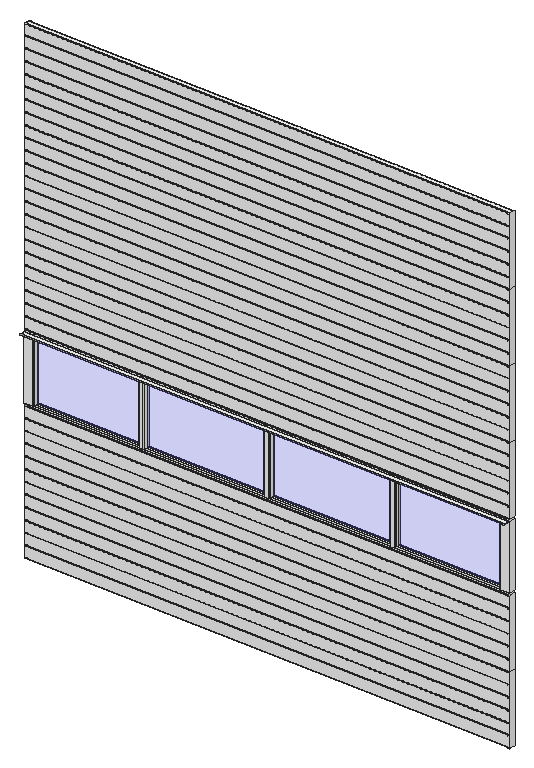
Revit family
Parameters (values of type "By Type")
  Windload = "Doors available rated for various design pressures; consult Clopay for avaialbility and specifications"
  VisSection6 = NumSections = 6  # no
  VisSection5 = NumSections > 4  # yes
  VisSection4 = NumSections > 3  # yes
  VisSection3 = NumSections > 2  # yes
  VisArray = NumSections > 6  # yes
  URL = "www.clopaydoor.com"
  Track = "Galvanized steel (gauge varies according to door size)"
  Thickness = 0' - 2"  # constant formula
  Spec Wizard = "http://www.arcat.com/specwizard/08360clo/index.htm"
  Section Height = Height / NumSections  # 2' - 0"
  Section 5 Glazing = Section : Solid
  Section 4 Glazing = Section : Solid
  Section 3 Glazing = Full Vision Section : Intermediate
  Sales Information = "http://www.clopaydoor.com/where-to-buy.aspx?type=dealer"
  Rough Width = 0' - 0"  # constant formula
  Rough Height = 0' - 0"  # constant formula
  R-Value = "17.2"
  Product Features and Benefits = "http://www.clopaydoor.com/insulated-polyurethane-applications.aspx"
  Overlapping Jamb = yes
  Overlap = if(Overlapping Jamb, 0' 1", 0' 0")  # 0' - 1"
  Opening Width = 14' - 0"
  Opening Height = 14' - 0"
  Omniclass Table = "23-30 10 17 37 "
  NumSectionsNotRounded = Height / 2' 0"  # 7
  NumSections = NumSectionsNotRounded + 0.4999  # 7
  NumArraySections = if(NumSections > 6, NumSections - 5, 2)  # 2
  Model = "3720"
  Maximum Size = "Maximum 32' 2'' wide by 26' 0'' high. Additional limitations may apply do to door weight. Consult Clopay for specificiations and shop drawings."  # constant formula
  Manufacturer Website = "http://www.clopaydoor.com"
  Manufacturer Phone Number = "1-800-526-4301"
  Manufacturer Address = "1400 W. Market St., Troy, OH 45373"
  Manufacturer = "Clopay Building Products Company"
  LEED = "http://products.construction.com/swts_content_files/151607/303186.pdf"
  Keynote = "08 36 13"
  Interior Steel = "28 ga. galvanized, primed, and finish painted"
  Hardware = "14 ga. min. steel hinges; 10-ball steel rollers"
  GreenFormat = "http://www.greenformat.com/products/1536-Polyurethane%20Insulated%20Doors.rtf"
  Function = (empty or 0)
  Height = Opening Height + Rough Width * 0  # 14' - 0"
  Wall Closure = (empty or 0)
  Width = Opening Width + Rough Width * 0  # 14' - 0"
  FloorToSection7 = 6 * Section Height  # 12' - 0"
  FloorToSection6 = 5 * Section Height  # 10' - 0"
  FloorToSection5 = 4 * Section Height  # 8' - 0"
  FloorToSection4 = 3 * Section Height  # 6' - 0"
  FloorToSection3 = 2 * Section Height  # 4' - 0"
  FloorToSection2 = Section Height  # 2' - 0"
  File Revision = "02 (August, 2012)"
  Exterior Steel = "27 ga. galvanized, primed, and finish painted"
  Double End Stiles = Door Width > 14' 2"  # no
  Door Width = Opening Width + Overlap * 2  # 14' - 2"
  Door Height = Opening Height + Rough Width * 0  # 14' - 0"
  Description = "2'' thick polyurethane insulated, stucco embossed 27 gauge steel exterior with light ribbed pattern."
  Core Material = "Expanded polyurethane"
  Copyright = "2010, Clopay Building Products Company, Inc."
  Color = White
  CAD and Specifications = "http://www.clopaydoor.com/insulated-polyurethane-specs.aspx"
  Assembly Code = "B2030410"
Reference planes (in)
  plane 1 "Center (Front/Back)": y = 0
  plane 2 "Center (Left/Right)": x = 0
  plane 3 "Left": x = -84
  plane 4 "Right": x = 84
  plane 5 "Top": z = 168
  plane 6 "Exterior": y = 3
  plane 7 "Interior": y = -3
  plane 8: z = 120
  plane 9: z = 144
Lines and regions (in)
  Opening 1
    outline origin (-90, -3, 0) x (1, 0, 0) y (0, 0, 1)
      loop
        line (6, 0) -> (174, 0) -> (174, 168) -> (6, 168) -> (6, 0)
Text (in)
  text "Exterior" at (-74.96733, 27.31104, 0), in view "Ref. Level"
  text "Interior" at (-74.96733, -25.14366, 0), in view "Ref. Level"
  text "Exterior" at (0, 40.15149, 123.01588), in view "Right"
  text "Interior" at (0, -64.39139, 123.01588), in view "Right"
  text "Interior" at (0, -31.01599, 123.00693), in view "Left"
  text "Exterior" at (0, 54.57065, 123.00693), in view "Left"
Dimensions and locks (in)
  equal spacing: plane 3 "Left", plane 2 "Center (Left/Right)", plane 4 "Right"
  "Height": level to plane 5 "Top"
  "Width": plane 3 "Left" to plane 4 "Right"
  host wall to plane 5 "Top" = 14' - 0"
  nested 1 to plane 7 "Interior" = 0' - 0 1/2"
  "FloorToSection6": plane 8 to level
  "FloorToSection7": plane 9 to level
  group 1 to group 2 = 0' - 0"  (x2)
  group 1 to group 2 = 2' - 0"
  host wall to host wall = 67' - 6"
  aligned and locked: plane 3 "Left" to Opening 1 sketch curve
  aligned and locked: plane 5 "Top" to Opening 1 sketch curve
  aligned and locked: Opening 1 sketch curve to plane 5 "Top"
  aligned and locked: Opening 1 sketch curve to plane 4 "Right"
  aligned and locked: Opening 1 sketch curve to level
  aligned and locked: plane 6 "Exterior" to host wall
  aligned and locked: host wall to plane 7 "Interior"
  aligned and locked: plane 2 "Center (Left/Right)" to nested 2
  aligned and locked: plane 2 "Center (Left/Right)" to nested 3
  aligned and locked: plane 2 "Center (Left/Right)" to nested 4
  aligned and locked: plane 2 "Center (Left/Right)" to nested 5
  aligned and locked: plane 2 "Center (Left/Right)" to nested 7
  aligned and locked: nested 7 to plane 8
  aligned and locked: nested 8 to plane 9
  aligned and locked: plane 7 "Interior" to nested 2
  aligned and locked: plane 7 "Interior" to nested 7
  aligned and locked: host wall to nested 8
  aligned and locked: plane 7 "Interior" to nested 3
  aligned and locked: host wall to nested 3
  aligned and locked: plane 7 "Interior" to nested 1
  aligned and locked: nested 2 to host wall
  aligned and locked: plane 7 "Interior" to nested 6
  aligned and locked: plane 7 "Interior" to nested 5
  aligned and locked: host wall to nested 7
  aligned and locked: plane 7 "Interior" to nested 4
Nested families (in)
  nested 1: "Section" at (0, 0, 0), type "Solid"
    with X9 0' - 7 1/2", X8 0' - 7 1/2", X7 0' - 7 1/2", X6 0' - 7 1/2", X5 0' - 7 1/2", X4 11' - 7 1/2", X3 7' - 11 1/2", X2 4' - 3 1/2", NumWindows 4, NumArrayedWindows 4, Half Door Width Neg -7' - 1", Half Door Width 7' - 1", X1 0' - 7 1/2", Door Width 14' - 2"
  nested 2: "Section" at (0, 0, 24), built-in parameter 1001364 <- "Section Height", type "Solid"
    with X9 0' - 7 1/2", X8 0' - 7 1/2", X7 0' - 7 1/2", X6 0' - 7 1/2", X5 0' - 7 1/2", X4 11' - 7 1/2", X3 7' - 11 1/2", X2 4' - 3 1/2", NumWindows 4, NumArrayedWindows 4, Half Door Width Neg -7' - 1", Half Door Width 7' - 1", X1 0' - 7 1/2", Door Width 14' - 2"
  nested 3: "Full Vision Section" at (0, 0, 48), type <- "Section 3 Glazing", built-in parameter 1001364 <- "FloorToSection3", visible <- "VisSection3", type "Intermediate"
    with SingleStileVis no, Rail Width 14' - 1 13/16", NumIntStiles 3, Half Rail Width 7' - 0 29/32", Half Door Width 7' - 1", Glass Width 14' - 0 13/16", Edge to 1st Int Stile 3' - 5", Door Width 14' - 2", ArrayStileVis yes, ArrayIntStiles 3
  nested 4: "Section" at (0, 0, 120), built-in parameter 1001364 <- "FloorToSection6", visible <- "VisSection6", type "Solid"
    with X9 0' - 7 1/2", X8 0' - 7 1/2", X7 0' - 7 1/2", X6 0' - 7 1/2", X5 0' - 7 1/2", X4 11' - 7 1/2", X3 7' - 11 1/2", X2 4' - 3 1/2", NumWindows 4, NumArrayedWindows 4, Half Door Width Neg -7' - 1", Half Door Width 7' - 1", X1 0' - 7 1/2", Door Width 14' - 2"
  nested 5: "Section" at (0, 0, 96), built-in parameter 1001364 <- "FloorToSection5", type <- "Section 5 Glazing", visible <- "VisSection5", type "Solid"
    with X9 0' - 7 1/2", X8 0' - 7 1/2", X7 0' - 7 1/2", X6 0' - 7 1/2", X5 0' - 7 1/2", X4 11' - 7 1/2", X3 7' - 11 1/2", X2 4' - 3 1/2", NumWindows 4, NumArrayedWindows 4, Half Door Width Neg -7' - 1", Half Door Width 7' - 1", X1 0' - 7 1/2", Door Width 14' - 2"
  nested 6: "Section" at (0, 0, 72), type <- "Section 4 Glazing", built-in parameter 1001364 <- "FloorToSection4", visible <- "VisSection4", type "Solid"
    with X9 0' - 7 1/2", X8 0' - 7 1/2", X7 0' - 7 1/2", X6 0' - 7 1/2", X5 0' - 7 1/2", X4 11' - 7 1/2", X3 7' - 11 1/2", X2 4' - 3 1/2", NumWindows 4, NumArrayedWindows 4, Half Door Width Neg -7' - 1", Half Door Width 7' - 1", X1 0' - 7 1/2", Door Width 14' - 2"
  nested 7: "Section" at (0, 0, 120), visible <- "VisArray", type "Solid"
    with X9 0' - 7 1/2", X8 0' - 7 1/2", X7 0' - 7 1/2", X6 0' - 7 1/2", X5 0' - 7 1/2", X4 11' - 7 1/2", X3 7' - 11 1/2", X2 4' - 3 1/2", NumWindows 4, NumArrayedWindows 4, Half Door Width Neg -7' - 1", Half Door Width 7' - 1", X1 0' - 7 1/2", Door Width 14' - 2"
  nested 8: "Section" at (0, 0, 144), visible <- "VisArray", type "Solid"
    with X9 0' - 7 1/2", X8 0' - 7 1/2", X7 0' - 7 1/2", X6 0' - 7 1/2", X5 0' - 7 1/2", X4 11' - 7 1/2", X3 7' - 11 1/2", X2 4' - 3 1/2", NumWindows 4, NumArrayedWindows 4, Half Door Width Neg -7' - 1", Half Door Width 7' - 1", X1 0' - 7 1/2", Door Width 14' - 2"
  nested 9: "Section" at (0, 4.67704, 636.93806), type "Windows - 24x8", not visible
    with X9 0' - 7 1/2", X8 0' - 7 1/2", X7 0' - 7 1/2", X6 0' - 7 1/2", X5 0' - 7 1/2", X4 11' - 7 1/2", X3 7' - 11 1/2", X2 4' - 3 1/2", NumWindows 4, NumArrayedWindows 4, Half Door Width Neg -7' - 1", Half Door Width 7' - 1", X1 0' - 7 1/2", Door Width 14' - 2"
  nested 10: "Section" at (0, 4.63986, 609.3176), type "Windows - 24x12", not visible
    with X9 0' - 7 1/2", X8 0' - 7 1/2", X7 0' - 7 1/2", X6 0' - 7 1/2", X5 0' - 7 1/2", X4 11' - 7 1/2", X3 7' - 11 1/2", X2 4' - 3 1/2", WindowSpacing 3' - 8", NumWindows 4, NumArrayedWindows 4, Half Door Width Neg -7' - 1", Half Door Width 7' - 1", X1 0' - 7 1/2", Door Width 14' - 2"
Definition of nested family "Section"
  Parameters (values of type "Windows - 24x12")
    X9 = if(if(NumArrayedWindows < NumWindows, NumArrayedWindows + 1, NumWindows) < 9, X1, X8 + WindowSpacing)  # 0' - 4 1/2"
    X8 = if(if(NumArrayedWindows < NumWindows, NumArrayedWindows + 1, NumWindows) < 8, X1, X7 + WindowSpacing)  # 0' - 4 1/2"
    X7 = if(if(NumArrayedWindows < NumWindows, NumArrayedWindows + 1, NumWindows) < 7, X1, X6 + WindowSpacing)  # 0' - 4 1/2"
    X6 = if(if(NumArrayedWindows < NumWindows, NumArrayedWindows + 1, NumWindows) < 6, X1, X5 + WindowSpacing)  # 0' - 4 1/2"
    X5 = if(if(NumArrayedWindows < NumWindows, NumArrayedWindows + 1, NumWindows) < 5, X1, X4 + WindowSpacing)  # 0' - 4 1/2"
    X4 = if(if(NumArrayedWindows < NumWindows, NumArrayedWindows + 1, NumWindows) < 4, X1, X3 + WindowSpacing)  # 0' - 4 1/2"
    X3 = if(NumWindows < 3, X1, X2 + WindowSpacing)  # 7' - 0 1/2"
    X2 = if(NumWindows < 2, ((Door Width - (NumWindows - 1) * WindowSpacing) / 2 - Cutout Width / 2), ((Door Width - (NumWindows - 1) * WindowSpacing) / 2 - Cutout Width / 2) + WindowSpacing)  # 3' - 8 1/2"
    Windows = 37xx Window Array : 24x12
    WindowVis = yes
    WindowSpacing = if(and(Door Width < 10' 0", Door Width > 9' 2"), 3' 4", 3' 8")  # 3' - 4"
    WindowCutDepth = 0' - 2"
    Section Height = 2' - 0"
    RibSpacing = Section Height / (NumRibs + 1)  # 0' - 4"
    NumWindows = if(Door Width < 9' 4", 2, if(Door Width < 13' 4", 3, if(Door Width < 16' 4", 4, if(Door Width < 20' 4", 5, if(Door Width < 24' 4", 6, if(Door Width < 26' 4", 7, if(Door Width < 31' 8", 8, 10)))))))  # 3
    NumRibs = if(Section Height < 1' 9", 3, if(Section Height < 2' 0", 4, 5))  # 5
    NumArrayedWindows = if(X2 = X1, NumWindows - 2, NumWindows)  # 3
    Half Section Height = Section Height / 2  # 1' - 0"
    Half Door Width Neg = -Half Door Width  # -4' - 8"
    Half Door Width = Door Width / 2  # 4' - 8"
    Half Cutout Height = Cutout Height / 2  # 0' - 5 1/2"
    Function = (empty or 0)
    Height = 0' - 0"
    Wall Closure = (empty or 0)
    Width = 0' - 0"
    X1 = if(or(Door Width > 31' 6", and(Door Width > 26' 2", Door Width < 28' 1"), Door Width = 24' 3", Door Width = 24' 4", and(Door Width > 20' 2", Door Width < 20' 11"), and(Door Width > 16' 2", Door Width < 17' 3")), X2, (Door Width - (NumWindows - 1) * WindowSpacing) / 2 - Cutout Width / 2)  # 0' - 4 1/2"
    Door Width = 9' - 4"
    CutoutToCutout = 1' - 0"
    Cutout Width = 1' - 11"
    Cutout Height = 0' - 11"
    Color = White
    BtmTo1stRib = RibSpacing  # 0' - 4"
    Assembly Code = ""
  Types (3): name | X7 | X6 | X5 | X4 | X3 | X2 | Windows | WindowVis | WindowSpacing | WindowCutDepth | NumWindows | NumArrayedWindows | Half Door Width Neg | Half Door Width | Half Cutout Height | Door Width | Cutout Height
    Windows - 24x12 | 0' - 4 1/2" | 0' - 4 1/2" | 0' - 4 1/2" | 0' - 4 1/2" | 7' - 0 1/2" | 3' - 8 1/2" | 37xx Window Array : 24x12 | yes | 3' - 4" | 0' - 2" | 3 | 3 | -4' - 8" | 4' - 8" | 0' - 5 1/2" | 9' - 4" | 0' - 11"
    Windows - 24x8 | 22' - 4 1/2" | 18' - 8 1/2" | 15' - 0 1/2" | 11' - 4 1/2" | 7' - 8 1/2" | 4' - 0 1/2" | 37xx Window Array : 24x8 | yes | 3' - 8" | 0' - 2" | 7 | 7 | -12' - 4" | 12' - 4" | 0' - 3 1/2" | 24' - 8" | 0' - 7"
    Solid | 22' - 4 1/2" | 18' - 8 1/2" | 15' - 0 1/2" | 11' - 4 1/2" | 7' - 8 1/2" | 4' - 0 1/2" | 37xx Window Array : 24x8 | no | 3' - 8" | -0' - 0 13/128" | 7 | 7 | -12' - 4" | 12' - 4" | 0' - 3 1/2" | 24' - 8" | 0' - 7"
  Reference planes (in)
    plane 1 "Center (Front/Back)": y = 0
    plane 2 "Center (Left/Right)": x = 0
    plane 3 "Exterior": y = 3
    plane 4 "Interior": y = -3
    plane 5: y = -3.5
    plane 6: x = 56
    plane 7: x = -56
    plane 8: z = 4
    plane 9: z = 8
    plane 10: z = 24
    plane 11: z = 12
    plane 12: z = 0
  Forms (in)
    Extrusion 1, solid, material "White" <- "Color"
      sketch origin (-56, -12, 83.08252) x (0, 0, 1) y (0, -1, 0)
        loop
          line (-59.08252, -8.37573) -> (-59.08252, -6.62444)
          arc (-59.08252, -6.62444) -> (-59.11897, -6.53645) -> (-59.20696, -6.5) r 0.12444
          line (-59.20696, -6.5) -> (-82.95809, -6.5)
          arc (-82.95809, -6.5) -> (-83.04608, -6.53645) -> (-83.08252, -6.62444) r 0.12444
          line (-83.08252, -6.62444) -> (-83.08252, -8.37573)
          arc (-83.08252, -8.37573) -> (-83.04612, -8.4636) -> (-82.95825, -8.5) r 0.12427
          line (-82.95825, -8.5) -> (-59.20679, -8.5)
          arc (-59.20679, -8.5) -> (-59.11892, -8.4636) -> (-59.08252, -8.37573) r 0.12427
      from 0 to 112 <- "Door Width"
    Extrusion 2, void
      sketch origin (0, 0, -0.5) x (0, -1, 0) y (0, 0, 1)
        loop
          line (3.5, 4.62727) -> (3.5, 4.37273) -> (3.53032, 4.41942)
          arc (3.53032, 4.41942) -> (3.53753, 4.43506) -> (3.54, 4.4521) r 0.06
          line (3.54, 4.4521) -> (3.54, 4.5479)
          arc (3.54, 4.5479) -> (3.53753, 4.56494) -> (3.53032, 4.58058) r 0.06
          line (3.53032, 4.58058) -> (3.5, 4.62727)
      from -56 <- "Half Door Width Neg" to 112 <- "Door Width"
    Extrusion 3, void
      sketch origin (0, 0, 3.5) x (0, -1, 0) y (0, 0, 1)
        loop
          line (3.5, 4.62727) -> (3.5, 4.37273) -> (3.53032, 4.41942)
          arc (3.53032, 4.41942) -> (3.53753, 4.43506) -> (3.54, 4.4521) r 0.06
          line (3.54, 4.4521) -> (3.54, 4.5479)
          arc (3.54, 4.5479) -> (3.53753, 4.56494) -> (3.53032, 4.58058) r 0.06
          line (3.53032, 4.58058) -> (3.5, 4.62727)
      from -56 <- "Half Door Width Neg" to 112 <- "Door Width"
    Extrusion 4, void
      sketch origin (0, 0, 7.5) x (0, -1, 0) y (0, 0, 1)
        loop
          line (3.5, 4.62727) -> (3.5, 4.37273) -> (3.53032, 4.41942)
          arc (3.53032, 4.41942) -> (3.53753, 4.43506) -> (3.54, 4.4521) r 0.06
          line (3.54, 4.4521) -> (3.54, 4.5479)
          arc (3.54, 4.5479) -> (3.53753, 4.56494) -> (3.53032, 4.58058) r 0.06
          line (3.53032, 4.58058) -> (3.5, 4.62727)
      from -56 <- "Half Door Width Neg" to 112 <- "Door Width"
    Extrusion 5, void
      sketch origin (0, -8.99984, -0.5) x (0, 1, 0) y (0, 0, -1)
        loop
          line (3.5, -4.62727) -> (3.53032, -4.58058)
          arc (3.53032, -4.58058) -> (3.53753, -4.56494) -> (3.54, -4.5479) r 0.06
          line (3.54, -4.5479) -> (3.54, -4.4521)
          arc (3.54, -4.4521) -> (3.53753, -4.43506) -> (3.53032, -4.41942) r 0.06
          line (3.53032, -4.41942) -> (3.5, -4.37273) -> (3.5, -4.62727)
      from -56 <- "Half Door Width Neg" to 112 <- "Door Width"
    Extrusion 6, void
      sketch origin (0, -8.99984, 3.5) x (0, 1, 0) y (0, 0, -1)
        loop
          line (3.5, -4.62727) -> (3.53032, -4.58058)
          arc (3.53032, -4.58058) -> (3.53753, -4.56494) -> (3.54, -4.5479) r 0.06
          line (3.54, -4.5479) -> (3.54, -4.4521)
          arc (3.54, -4.4521) -> (3.53753, -4.43506) -> (3.53032, -4.41942) r 0.06
          line (3.53032, -4.41942) -> (3.5, -4.37273) -> (3.5, -4.62727)
      from -56 <- "Half Door Width Neg" to 112 <- "Door Width"
    Extrusion 7, void
      sketch origin (0, -8.99984, 7.5) x (0, 1, 0) y (0, 0, -1)
        loop
          line (3.5, -4.62727) -> (3.53032, -4.58058)
          arc (3.53032, -4.58058) -> (3.53753, -4.56494) -> (3.54, -4.5479) r 0.06
          line (3.54, -4.5479) -> (3.54, -4.4521)
          arc (3.54, -4.4521) -> (3.53753, -4.43506) -> (3.53032, -4.41942) r 0.06
          line (3.53032, -4.41942) -> (3.5, -4.37273) -> (3.5, -4.62727)
      from -56 <- "Half Door Width Neg" to 112 <- "Door Width"
    Extrusion 8, void
      sketch origin (-98.15385, -3.5, 48) x (1, 0, 0) y (0, 0, 1)
        loop
          line (149.65385, -30.5) -> (126.65385, -30.5) -> (126.65385, -36) -> (149.65385, -36) -> (149.65385, -30.5)
      from 0 to 2 <- "WindowCutDepth"
    Extrusion 9, void
      sketch origin (-98.15385, -3.5, -24) x (1, 0, 0) y (0, 0, 1)
        loop
          line (149.65385, 30.5) -> (149.65385, 36) -> (126.65385, 36) -> (126.65385, 30.5) -> (149.65385, 30.5)
      from 0 to 2 <- "WindowCutDepth"
    Extrusion 10, void
      sketch origin (-136.15385, -3.5, 48) x (1, 0, 0) y (0, 0, 1)
        loop
          line (147.65385, -30.5) -> (124.65385, -30.5) -> (124.65385, -36) -> (147.65385, -36) -> (147.65385, -30.5)
      from 0 to 2 <- "WindowCutDepth"
    Extrusion 11, void
      sketch origin (-136.15385, -3.5, -24) x (1, 0, 0) y (0, 0, 1)
        loop
          line (147.65385, 30.5) -> (147.65385, 36) -> (124.65385, 36) -> (124.65385, 30.5) -> (147.65385, 30.5)
      from 0 to 2 <- "WindowCutDepth"
    Extrusion 12, void
      sketch origin (-171.15385, -3.5, 48) x (1, 0, 0) y (0, 0, 1)
        loop
          line (142.65385, -30.5) -> (119.65385, -30.5) -> (119.65385, -36) -> (142.65385, -36) -> (142.65385, -30.5)
      from 0 to 2 <- "WindowCutDepth"
    Extrusion 13, void
      sketch origin (-171.15385, -3.5, -24) x (1, 0, 0) y (0, 0, 1)
        loop
          line (142.65385, 30.5) -> (142.65385, 36) -> (119.65385, 36) -> (119.65385, 30.5) -> (142.65385, 30.5)
      from 0 to 2 <- "WindowCutDepth"
    Extrusion 14, void
      sketch origin (-214.15385, -3.5, 48) x (1, 0, 0) y (0, 0, 1)
        loop
          line (265.65385, -30.5) -> (242.65385, -30.5) -> (242.65385, -36) -> (265.65385, -36) -> (265.65385, -30.5)
      from 0 to 2 <- "WindowCutDepth"
    Extrusion 15, void
      sketch origin (-214.15385, -3.5, -24) x (1, 0, 0) y (0, 0, 1)
        loop
          line (265.65385, 30.5) -> (265.65385, 36) -> (242.65385, 36) -> (242.65385, 30.5) -> (265.65385, 30.5)
      from 0 to 2 <- "WindowCutDepth"
    Extrusion 16, void
      sketch origin (-256.15385, -3.5, 48) x (1, 0, 0) y (0, 0, 1)
        loop
          line (307.65385, -30.5) -> (284.65385, -30.5) -> (284.65385, -36) -> (307.65385, -36) -> (307.65385, -30.5)
      from 0 to 2 <- "WindowCutDepth"
    Extrusion 17, void
      sketch origin (-256.15385, -3.5, -24) x (1, 0, 0) y (0, 0, 1)
        loop
          line (307.65385, 30.5) -> (307.65385, 36) -> (284.65385, 36) -> (284.65385, 30.5) -> (307.65385, 30.5)
      from 0 to 2 <- "WindowCutDepth"
    Extrusion 18, void
      sketch origin (-294.15385, -3.5, 48) x (1, 0, 0) y (0, 0, 1)
        loop
          line (345.65385, -30.5) -> (322.65385, -30.5) -> (322.65385, -36) -> (345.65385, -36) -> (345.65385, -30.5)
      from 0 to 2 <- "WindowCutDepth"
    Extrusion 19, void
      sketch origin (-294.15385, -3.5, -24) x (1, 0, 0) y (0, 0, 1)
        loop
          line (345.65385, 30.5) -> (345.65385, 36) -> (322.65385, 36) -> (322.65385, 30.5) -> (345.65385, 30.5)
      from 0 to 2 <- "WindowCutDepth"
    Extrusion 20, void
      sketch origin (-331.15385, -3.5, 48) x (1, 0, 0) y (0, 0, 1)
        loop
          line (382.65385, -30.5) -> (359.65385, -30.5) -> (359.65385, -36) -> (382.65385, -36) -> (382.65385, -30.5)
      from 0 to 2 <- "WindowCutDepth"
    Extrusion 21, void
      sketch origin (-331.15385, -3.5, -24) x (1, 0, 0) y (0, 0, 1)
        loop
          line (382.65385, 30.5) -> (382.65385, 36) -> (359.65385, 36) -> (359.65385, 30.5) -> (382.65385, 30.5)
      from 0 to 2 <- "WindowCutDepth"
    Extrusion 22, void
      sketch origin (-368.15385, -3.5, 48) x (1, 0, 0) y (0, 0, 1)
        loop
          line (419.65385, -30.5) -> (396.65385, -30.5) -> (396.65385, -36) -> (419.65385, -36) -> (419.65385, -30.5)
      from 0 to 2 <- "WindowCutDepth"
    Extrusion 23, void
      sketch origin (-368.15385, -3.5, -24) x (1, 0, 0) y (0, 0, 1)
        loop
          line (419.65385, 30.5) -> (419.65385, 36) -> (396.65385, 36) -> (396.65385, 30.5) -> (419.65385, 30.5)
      from 0 to 2 <- "WindowCutDepth"
    Extrusion 24, void
      sketch origin (-407.15385, -3.5, 48) x (1, 0, 0) y (0, 0, 1)
        loop
          line (458.65385, -30.5) -> (435.65385, -30.5) -> (435.65385, -36) -> (458.65385, -36) -> (458.65385, -30.5)
      from 0 to 2 <- "WindowCutDepth"
    Extrusion 25, void
      sketch origin (-407.15385, -3.5, -24) x (1, 0, 0) y (0, 0, 1)
        loop
          line (458.65385, 30.5) -> (458.65385, 36) -> (435.65385, 36) -> (435.65385, 30.5) -> (458.65385, 30.5)
      from 0 to 2 <- "WindowCutDepth"
    Extrusion 26, void
      sketch origin (0, 0, 11.5) x (0, -1, 0) y (0, 0, 1)
        loop
          line (3.5, 4.62727) -> (3.5, 4.37273) -> (3.53032, 4.41942)
          arc (3.53032, 4.41942) -> (3.53753, 4.43506) -> (3.54, 4.4521) r 0.06
          line (3.54, 4.4521) -> (3.54, 4.5479)
          arc (3.54, 4.5479) -> (3.53753, 4.56494) -> (3.53032, 4.58058) r 0.06
          line (3.53032, 4.58058) -> (3.5, 4.62727)
      from -56 <- "Half Door Width Neg" to 112 <- "Door Width"
    Extrusion 27, void
      sketch origin (0, -8.99984, 11.5) x (0, 1, 0) y (0, 0, -1)
        loop
          line (3.5, -4.62727) -> (3.53032, -4.58058)
          arc (3.53032, -4.58058) -> (3.53753, -4.56494) -> (3.54, -4.5479) r 0.06
          line (3.54, -4.5479) -> (3.54, -4.4521)
          arc (3.54, -4.4521) -> (3.53753, -4.43506) -> (3.53032, -4.41942) r 0.06
          line (3.53032, -4.41942) -> (3.5, -4.37273) -> (3.5, -4.62727)
      from -56 <- "Half Door Width Neg" to 112 <- "Door Width"
    Extrusion 28, void
      sketch origin (0, 0, 15.5) x (0, -1, 0) y (0, 0, 1)
        loop
          line (3.5, 4.62727) -> (3.5, 4.37273) -> (3.53032, 4.41942)
          arc (3.53032, 4.41942) -> (3.53753, 4.43506) -> (3.54, 4.4521) r 0.06
          line (3.54, 4.4521) -> (3.54, 4.5479)
          arc (3.54, 4.5479) -> (3.53753, 4.56494) -> (3.53032, 4.58058) r 0.06
          line (3.53032, 4.58058) -> (3.5, 4.62727)
      from -56 <- "Half Door Width Neg" to 112 <- "Door Width"
    Extrusion 29, void
      sketch origin (0, -8.99984, 15.5) x (0, 1, 0) y (0, 0, -1)
        loop
          line (3.5, -4.62727) -> (3.53032, -4.58058)
          arc (3.53032, -4.58058) -> (3.53753, -4.56494) -> (3.54, -4.5479) r 0.06
          line (3.54, -4.5479) -> (3.54, -4.4521)
          arc (3.54, -4.4521) -> (3.53753, -4.43506) -> (3.53032, -4.41942) r 0.06
          line (3.53032, -4.41942) -> (3.5, -4.37273) -> (3.5, -4.62727)
      from -56 <- "Half Door Width Neg" to 112 <- "Door Width"
  Cuts and joins
    Extrusion 2, Extrusion 3, Extrusion 4, Extrusion 5, Extrusion 6, Extrusion 7, Extrusion 8, Extrusion 9, Extrusion 10, Extrusion 11, Extrusion 12, Extrusion 13, Extrusion 14, Extrusion 15, Extrusion 16, Extrusion 17, Extrusion 18, Extrusion 19, Extrusion 20, Extrusion 21, Extrusion 22, Extrusion 23, Extrusion 24, Extrusion 25, Extrusion 26, Extrusion 27, Extrusion 28, Extrusion 29 cuts Extrusion 1
  Lines and regions (in)
    reference lines
      curve 1: line (-72, -3.54, 4) -> (-72, -3.5, 4)
      curve 2: line (-72, -5.45984, 4) -> (-72, -5.49984, 4)
      curve 3: line (-72, -3.54, 8) -> (-72, -3.5, 8)
      curve 4: line (-72, -3.54, 12) -> (-72, -3.5, 12)
      curve 5: line (-72, -5.45984, 4) -> (-72, -5.49984, 4)
      curve 6: line (-72, -5.45984, 8) -> (-72, -5.49984, 8)
      curve 7: line (-72, -5.45984, 12) -> (-72, -5.49984, 12)
      curve 8: line (-72, -3.54, 16) -> (-72, -3.5, 16)
      curve 9: line (-72, -5.45984, 16) -> (-72, -5.49984, 16)
      curve 10: line (-72, -3.54, 20) -> (-72, -3.5, 20)
      curve 11: line (-72, -5.45984, 20) -> (-72, -5.49984, 20)
  Text (in)
    text "Exterior" at (-74.96733, 27.31104, 0), in view "Ref. Level"
    text "Interior" at (-74.96733, -25.14366, 0), in view "Ref. Level"
    text "Exterior" at (0, 40.15149, 123.01588), in view "Right"
    text "Interior" at (0, -64.39139, 123.01588), in view "Right"
    text "Interior" at (0, -31.01599, 123.00693), in view "Left"
    text "Exterior" at (0, 54.57065, 123.00693), in view "Left"
  Dimensions and locks (in)
    plane 4 "Interior" to plane 5 = 0' - 0 1/2"
    "Half Door Width": plane 2 "Center (Left/Right)" to plane 7
    "Half Door Width": plane 6 to plane 2 "Center (Left/Right)"
    Extrusion 1 sketch curve to Extrusion 1 sketch curve = 0' - 2"
    Extrusion 2 sketch curve to Extrusion 2 sketch curve = 0' - 0.25454"
    Extrusion 2 sketch curve to Extrusion 2 sketch curve = 0' - 0.04"  (x2)
    "BtmTo1stRib": plane 8 to level
    curve 1 to Extrusion 2 sketch curve = 0' - 0.12727"
    "RibSpacing": plane 9 to plane 8
    "Section Height": plane 10 to level
    Extrusion 3 sketch curve to Extrusion 3 sketch curve = 0' - 0.25454"
    Extrusion 3 sketch curve to Extrusion 3 sketch curve = 0' - 0.04"  (x2)
    curve 3 to Extrusion 3 sketch curve = 0' - 0.12727"
    equal spacing: group 1, group 2, group 3, group 4, group 5  (x3)
    Extrusion 4 sketch curve to Extrusion 4 sketch curve = 0' - 0.25454"
    Extrusion 4 sketch curve to Extrusion 4 sketch curve = 0' - 0.04"  (x2)
    curve 4 to Extrusion 4 sketch curve = 0' - 0.12727"
    Extrusion 5 sketch curve to Extrusion 5 sketch curve = 0' - 0.25454"
    Extrusion 5 sketch curve to Extrusion 5 sketch curve = 0' - 0.04"  (x2)
    Extrusion 5 sketch curve to curve 5 = 0' - 0.12727"
    Extrusion 6 sketch curve to Extrusion 6 sketch curve = 0' - 0.25454"
    Extrusion 6 sketch curve to Extrusion 6 sketch curve = 0' - 0.04"  (x2)
    Extrusion 6 sketch curve to curve 6 = 0' - 0.12727"
    Extrusion 7 sketch curve to Extrusion 7 sketch curve = 0' - 0.25454"
    Extrusion 7 sketch curve to Extrusion 7 sketch curve = 0' - 0.04"  (x2)
    Extrusion 7 sketch curve to curve 7 = 0' - 0.12727"
    "Half Section Height": level to plane 11
    "Cutout Width": Extrusion 8 sketch curve to Extrusion 8 sketch curve
    "Half Cutout Height": Extrusion 8 sketch curve to Extrusion 8 sketch curve
    "Cutout Width": Extrusion 9 sketch curve to Extrusion 9 sketch curve
    "Half Cutout Height": Extrusion 9 sketch curve to Extrusion 9 sketch curve
    "X1": cut or joined group 1 (Extrusion 1, Extrusion 2, Extrusion 3, Extrusion 4, Extrusion 5, Extrusion 6, Extrusion 7, Extrusion 8, Extrusion 9, Extrusion 10, Extrusion 11, Extrusion 12, Extrusion 13, Extrusion 14, Extrusion 15, Extrusion 16, Extrusion 17, Extrusion 18, Extrusion 19, Extrusion 20, Extrusion 21, Extrusion 22, Extrusion 23, Extrusion 24, Extrusion 25, Extrusion 26, Extrusion 27, Extrusion 28, Extrusion 29) to cut or joined group 1
    "Cutout Width": Extrusion 10 sketch curve to Extrusion 10 sketch curve
    "Half Cutout Height": Extrusion 10 sketch curve to Extrusion 10 sketch curve
    "Cutout Width": Extrusion 11 sketch curve to Extrusion 11 sketch curve
    "Half Cutout Height": Extrusion 11 sketch curve to Extrusion 11 sketch curve
    "Cutout Width": Extrusion 12 sketch curve to Extrusion 12 sketch curve
    "Half Cutout Height": Extrusion 12 sketch curve to Extrusion 12 sketch curve
    "Cutout Width": Extrusion 13 sketch curve to Extrusion 13 sketch curve
    "Half Cutout Height": Extrusion 13 sketch curve to Extrusion 13 sketch curve
    "X2": plane 6 to cut or joined group 1
    "X3": plane 6 to cut or joined group 1
    "Cutout Width": Extrusion 14 sketch curve to Extrusion 14 sketch curve
    "Half Cutout Height": Extrusion 14 sketch curve to Extrusion 14 sketch curve
    "Cutout Width": Extrusion 15 sketch curve to Extrusion 15 sketch curve
    "Half Cutout Height": Extrusion 15 sketch curve to Extrusion 15 sketch curve
    "Cutout Width": Extrusion 16 sketch curve to Extrusion 16 sketch curve
    "Half Cutout Height": Extrusion 16 sketch curve to Extrusion 16 sketch curve
    "Cutout Width": Extrusion 17 sketch curve to Extrusion 17 sketch curve
    "Half Cutout Height": Extrusion 17 sketch curve to Extrusion 17 sketch curve
    "Cutout Width": Extrusion 18 sketch curve to Extrusion 18 sketch curve
    "Half Cutout Height": Extrusion 18 sketch curve to Extrusion 18 sketch curve
    "Cutout Width": Extrusion 19 sketch curve to Extrusion 19 sketch curve
    "Half Cutout Height": Extrusion 19 sketch curve to Extrusion 19 sketch curve
    "Cutout Width": Extrusion 20 sketch curve to Extrusion 20 sketch curve
    "Half Cutout Height": Extrusion 20 sketch curve to Extrusion 20 sketch curve
    "Cutout Width": Extrusion 21 sketch curve to Extrusion 21 sketch curve
    "Half Cutout Height": Extrusion 21 sketch curve to Extrusion 21 sketch curve
    "Cutout Width": Extrusion 22 sketch curve to Extrusion 22 sketch curve
    "Half Cutout Height": Extrusion 22 sketch curve to Extrusion 22 sketch curve
    "Cutout Width": Extrusion 23 sketch curve to Extrusion 23 sketch curve
    "Half Cutout Height": Extrusion 23 sketch curve to Extrusion 23 sketch curve
    "Cutout Width": Extrusion 24 sketch curve to Extrusion 24 sketch curve
    "Half Cutout Height": Extrusion 24 sketch curve to Extrusion 24 sketch curve
    "Cutout Width": Extrusion 25 sketch curve to Extrusion 25 sketch curve
    "Half Cutout Height": Extrusion 25 sketch curve to Extrusion 25 sketch curve
    "X4": plane 6 to cut or joined group 1
    "X5": plane 6 to cut or joined group 1
    "X6": plane 6 to cut or joined group 1
    "X7": plane 6 to cut or joined group 1
    "X8": plane 6 to cut or joined group 1
    "X9": plane 6 to cut or joined group 1
    locked: nested 1 to cut or joined group 1 at 1  (x2)
    locked: nested 1 to cut or joined group 1 at 0.125
    Extrusion 26 sketch curve to Extrusion 26 sketch curve = 0' - 0.25454"
    Extrusion 26 sketch curve to Extrusion 26 sketch curve = 0' - 0.04"  (x2)
    curve 8 to Extrusion 26 sketch curve = 0' - 0.12727"
    Extrusion 27 sketch curve to Extrusion 27 sketch curve = 0' - 0.25454"
    Extrusion 27 sketch curve to Extrusion 27 sketch curve = 0' - 0.04"  (x2)
    Extrusion 27 sketch curve to curve 9 = 0' - 0.12727"
    Extrusion 28 sketch curve to Extrusion 28 sketch curve = 0' - 0.25454"
    Extrusion 28 sketch curve to Extrusion 28 sketch curve = 0' - 0.04"  (x2)
    curve 10 to Extrusion 28 sketch curve = 0' - 0.12727"
    Extrusion 29 sketch curve to Extrusion 29 sketch curve = 0' - 0.25454"
    Extrusion 29 sketch curve to Extrusion 29 sketch curve = 0' - 0.04"  (x2)
    Extrusion 29 sketch curve to curve 11 = 0' - 0.12727"
    locked: plane 4 "Interior" to cut or joined group 1 at 0.5
    radius of Extrusion 1 sketch curve = 0' - 0.12427"  (x2)
    radius of Extrusion 1 sketch curve = 0' - 0.12444"  (x2)
    angle Extrusion 2 sketch curve to Extrusion 2 sketch curve = 147.00°  (x2)
    angle Extrusion 3 sketch curve to Extrusion 3 sketch curve = 147.00°  (x2)
    angle Extrusion 4 sketch curve to Extrusion 4 sketch curve = 147.00°  (x2)
    angle Extrusion 5 sketch curve to Extrusion 5 sketch curve = 147.00°  (x2)
    angle Extrusion 6 sketch curve to Extrusion 6 sketch curve = 147.00°  (x2)
    angle Extrusion 7 sketch curve to Extrusion 7 sketch curve = 147.00°  (x2)
    angle Extrusion 26 sketch curve to Extrusion 26 sketch curve = 147.00°  (x2)
    angle Extrusion 27 sketch curve to Extrusion 27 sketch curve = 147.00°  (x2)
    angle Extrusion 28 sketch curve to Extrusion 28 sketch curve = 147.00°  (x2)
    angle Extrusion 29 sketch curve to Extrusion 29 sketch curve = 147.00°  (x2)
    aligned and locked: Extrusion 1 sketch curve to plane 5
    aligned and locked: plane 8 to curve 1
    aligned and locked: plane 9 to curve 3
    aligned and locked: Extrusion 8 sketch curve to plane 11
    aligned and locked: plane 11 to Extrusion 9 sketch curve
    aligned and locked: cut or joined group 1 to cut or joined group 1  (x9)
    aligned and locked: plane 12 to level
  Automatic sketch dimensions
    curve 2 to curve 1 = 0' - 1.91984"
    curve 1 to curve 1 = 0' - 0.04"  (x2)
    curve 1 to curve 2 = 0' - 1.91984"
    curve 2 to curve 2 = 0' - 0.04"  (x2)
    Extrusion 2 sketch curve to Extrusion 2 sketch curve = 0' - 0"
    Extrusion 2 sketch curve to Extrusion 2 sketch curve = 0' - 0.02"
    Extrusion 2 sketch curve to Extrusion 2 sketch curve = 0' - 0.00968"  (x2)
    curve 5 to curve 1 = 0' - 0"
    curve 1 to curve 5 = 0' - 1.91984"
    curve 5 to curve 5 = 0' - 0.04"
    Extrusion 5 sketch curve to Extrusion 5 sketch curve = 0' - 0"
    Extrusion 5 sketch curve to Extrusion 5 sketch curve = 0' - 0.02"
    Extrusion 5 sketch curve to Extrusion 5 sketch curve = 0' - 0.00968"  (x2)
    Extrusion 3 sketch curve to Extrusion 3 sketch curve = 0' - 0"
    Extrusion 3 sketch curve to Extrusion 3 sketch curve = 0' - 0.02"
    Extrusion 3 sketch curve to Extrusion 3 sketch curve = 0' - 0.00968"  (x2)
    curve 6 to curve 3 = 0' - 0"
    curve 3 to curve 3 = 0' - 0.04"
    curve 3 to curve 6 = 0' - 1.91984"
    curve 6 to curve 6 = 0' - 0.04"
    Extrusion 4 sketch curve to Extrusion 4 sketch curve = 0' - 0"
    Extrusion 4 sketch curve to Extrusion 4 sketch curve = 0' - 0.02"
    Extrusion 4 sketch curve to Extrusion 4 sketch curve = 0' - 0.00968"  (x2)
    curve 7 to curve 4 = 0' - 0"
    curve 4 to curve 4 = 0' - 0.04"
    curve 4 to curve 7 = 0' - 1.91984"
    curve 7 to curve 7 = 0' - 0.04"
    Extrusion 7 sketch curve to Extrusion 7 sketch curve = 0' - 0.00968"
    Extrusion 6 sketch curve to Extrusion 6 sketch curve = 0' - 0.00968"
    curve 2 to plane 8 = 0' - 0"
    curve 2 to plane 5 = 0' - 1.95984"
    Extrusion 8 sketch curve to plane 6 = 2' - 3 1/2"
    Extrusion 9 sketch curve to plane 6 = 2' - 3 1/2"
    Extrusion 10 sketch curve to plane 11 = 0' - 0"
    Extrusion 10 sketch curve to plane 6 = 5' - 7 1/2"
    Extrusion 11 sketch curve to plane 11 = 0' - 0"
    Extrusion 11 sketch curve to plane 6 = 5' - 7 1/2"
    Extrusion 12 sketch curve to plane 11 = 0' - 0"
    Extrusion 12 sketch curve to plane 6 = 8' - 11 1/2"
    Extrusion 13 sketch curve to plane 11 = 0' - 0"
    Extrusion 13 sketch curve to plane 6 = 8' - 11 1/2"
    Extrusion 14 sketch curve to plane 11 = 0' - 0"
    plane 2 "Center (Left/Right)" to Extrusion 14 sketch curve = 2' - 4 1/2"
    Extrusion 15 sketch curve to plane 11 = 0' - 0"
    plane 2 "Center (Left/Right)" to Extrusion 15 sketch curve = 2' - 4 1/2"
    Extrusion 16 sketch curve to plane 11 = 0' - 0"
    plane 2 "Center (Left/Right)" to Extrusion 16 sketch curve = 2' - 4 1/2"
    Extrusion 17 sketch curve to plane 11 = 0' - 0"
    plane 2 "Center (Left/Right)" to Extrusion 17 sketch curve = 2' - 4 1/2"
    Extrusion 18 sketch curve to plane 11 = 0' - 0"
    plane 2 "Center (Left/Right)" to Extrusion 18 sketch curve = 2' - 4 1/2"
    Extrusion 19 sketch curve to plane 11 = 0' - 0"
    plane 2 "Center (Left/Right)" to Extrusion 19 sketch curve = 2' - 4 1/2"
    Extrusion 20 sketch curve to plane 11 = 0' - 0"
    plane 2 "Center (Left/Right)" to Extrusion 20 sketch curve = 2' - 4 1/2"
    Extrusion 21 sketch curve to plane 11 = 0' - 0"
    plane 2 "Center (Left/Right)" to Extrusion 21 sketch curve = 2' - 4 1/2"
    Extrusion 22 sketch curve to plane 11 = 0' - 0"
    plane 7 to Extrusion 22 sketch curve = 7' - 0 1/2"
    Extrusion 23 sketch curve to plane 11 = 0' - 0"
    plane 7 to Extrusion 23 sketch curve = 7' - 0 1/2"
    Extrusion 24 sketch curve to plane 11 = 0' - 0"
    plane 7 to Extrusion 24 sketch curve = 7' - 0 1/2"
    Extrusion 25 sketch curve to plane 11 = 0' - 0"
    plane 7 to Extrusion 25 sketch curve = 7' - 0 1/2"
    Extrusion 1 sketch curve to plane 10 = 0' - 0"
    Extrusion 1 sketch curve to level = 0' - 0"
    Extrusion 26 sketch curve to Extrusion 26 sketch curve = 0' - 0"
    Extrusion 26 sketch curve to Extrusion 26 sketch curve = 0' - 0.02"
    Extrusion 26 sketch curve to Extrusion 26 sketch curve = 0' - 0.00968"  (x2)
    curve 9 to curve 8 = 0' - 0"
    curve 8 to curve 8 = 0' - 0.04"
    curve 8 to curve 9 = 0' - 1.91984"
    curve 9 to curve 9 = 0' - 0.04"
    Extrusion 27 sketch curve to Extrusion 27 sketch curve = 0' - 0"
    Extrusion 27 sketch curve to Extrusion 27 sketch curve = 0' - 0.02"
    Extrusion 27 sketch curve to Extrusion 27 sketch curve = 0' - 0.00968"  (x2)
    Extrusion 28 sketch curve to Extrusion 28 sketch curve = 0' - 0"
    Extrusion 28 sketch curve to Extrusion 28 sketch curve = 0' - 0.02"
    Extrusion 28 sketch curve to Extrusion 28 sketch curve = 0' - 0.00968"  (x2)
    curve 11 to curve 10 = 0' - 0"
    curve 10 to curve 10 = 0' - 0.04"
    curve 10 to curve 11 = 0' - 1.91984"
    curve 11 to curve 11 = 0' - 0.04"
    Extrusion 29 sketch curve to Extrusion 29 sketch curve = 0' - 0"
    Extrusion 29 sketch curve to Extrusion 29 sketch curve = 0' - 0.02"
    Extrusion 29 sketch curve to Extrusion 29 sketch curve = 0' - 0.00968"  (x2)
  Nested families (in)
    nested 1: "37xx Window Array" at (40, -3.375, 7.5) x (-1, 0, 0) z (0, 0, 1), type <- "Windows", visible <- "WindowVis", type "24x12"
      with Window Spacing 3' - 4"
  Definition of nested family "37xx Window Array"
    Parameters (values of type "24x8")
      Window Spacing = 3' - 8"
      NumWindows = 3
      Frame Width = 2' - 1"
      Frame Height = 0' - 9"
      Color = White
      Assembly Code = ""
    Types (2): name | Frame Height | Color
      24x8 | 0' - 9" | White
      24x12 | 1' - 1" | none
    Reference planes (in)
      plane 1 "Center (Front/Back)": y = 0
      plane 2: z = 0
      plane 3 "Center (Left/Right)": x = 0
      plane 4: y = -1
    Forms (in)
      Extrusion 1, solid, material "White" <- "Color"
        sketch origin (-1.38592, 0, 0) x (1, 0, 0) y (0, 0, 1)
          loop
            line (-8.86408, 1.625) -> (11.63592, 1.625)
            arc (11.63592, 1.625) -> (12.07786, 1.80806) -> (12.26092, 2.25) r 0.625
            line (12.26092, 2.25) -> (12.26092, 6.75)
            arc (12.26092, 6.75) -> (12.07786, 7.19194) -> (11.63592, 7.375) r 0.625
            line (11.63592, 7.375) -> (-8.86408, 7.375)
            arc (-8.86408, 7.375) -> (-9.30602, 7.19194) -> (-9.48908, 6.75) r 0.625
            line (-9.48908, 6.75) -> (-9.48908, 2.25)
            arc (-9.48908, 2.25) -> (-9.30602, 1.80806) -> (-8.86408, 1.625) r 0.625
          loop
            line (-10.48908, 0) -> (13.26092, 0)
            arc (13.26092, 0) -> (13.70286, 0.18306) -> (13.88592, 0.625) r 0.625
            line (13.88592, 0.625) -> (13.88592, 8.375)
            arc (13.88592, 8.375) -> (13.70286, 8.81694) -> (13.26092, 9) r 0.625
            line (13.26092, 9) -> (-10.48908, 9)
            arc (-10.48908, 9) -> (-10.93102, 8.81694) -> (-11.11408, 8.375) r 0.625
            line (-11.11408, 8.375) -> (-11.11408, 0.625)
            arc (-11.11408, 0.625) -> (-10.93102, 0.18306) -> (-10.48908, 0) r 0.625
        from 0 to 2.25
      Extrusion 2, solid, material "Glass"
        sketch origin (0, -1, 15.9844) x (0, 0, 1) y (-1, 0, 0)
          loop
            arc (-8.6094, 10.25) -> (-8.79246, 10.69194) -> (-9.2344, 10.875) r 0.625
            line (-9.2344, 10.875) -> (-13.7344, 10.875)
            arc (-13.7344, 10.875) -> (-14.17634, 10.69194) -> (-14.3594, 10.25) r 0.625
            line (-14.3594, 10.25) -> (-14.3594, -10.25)
            arc (-14.3594, -10.25) -> (-14.17634, -10.69194) -> (-13.7344, -10.875) r 0.625
            line (-13.7344, -10.875) -> (-9.2344, -10.875)
            arc (-9.2344, -10.875) -> (-8.79246, -10.69194) -> (-8.6094, -10.25) r 0.625
            line (-8.6094, -10.25) -> (-8.6094, 10.25)
        from 0 to 0.25
      Extrusion 3, solid, material "White" <- "Color"
        sketch origin (42.61408, 0, 0) x (1, 0, 0) y (0, 0, 1)
          loop
            line (-8.86408, 1.625) -> (11.63592, 1.625)
            arc (11.63592, 1.625) -> (12.07786, 1.80806) -> (12.26092, 2.25) r 0.625
            line (12.26092, 2.25) -> (12.26092, 6.75)
            arc (12.26092, 6.75) -> (12.07786, 7.19194) -> (11.63592, 7.375) r 0.625
            line (11.63592, 7.375) -> (-8.86408, 7.375)
            arc (-8.86408, 7.375) -> (-9.30602, 7.19194) -> (-9.48908, 6.75) r 0.625
            line (-9.48908, 6.75) -> (-9.48908, 2.25)
            arc (-9.48908, 2.25) -> (-9.30602, 1.80806) -> (-8.86408, 1.625) r 0.625
          loop
            line (-10.48908, 0) -> (13.26092, 0)
            arc (13.26092, 0) -> (13.70286, 0.18306) -> (13.88592, 0.625) r 0.625
            line (13.88592, 0.625) -> (13.88592, 8.375)
            arc (13.88592, 8.375) -> (13.70286, 8.81694) -> (13.26092, 9) r 0.625
            line (13.26092, 9) -> (-10.48908, 9)
            arc (-10.48908, 9) -> (-10.93102, 8.81694) -> (-11.11408, 8.375) r 0.625
            line (-11.11408, 8.375) -> (-11.11408, 0.625)
            arc (-11.11408, 0.625) -> (-10.93102, 0.18306) -> (-10.48908, 0) r 0.625
        from 0 to 2.25
      Extrusion 4, solid, material "Glass"
        sketch origin (44, -1, 15.9844) x (0, 0, 1) y (-1, 0, 0)
          loop
            arc (-8.6094, 10.25) -> (-8.79246, 10.69194) -> (-9.2344, 10.875) r 0.625
            line (-9.2344, 10.875) -> (-13.7344, 10.875)
            arc (-13.7344, 10.875) -> (-14.17634, 10.69194) -> (-14.3594, 10.25) r 0.625
            line (-14.3594, 10.25) -> (-14.3594, -10.25)
            arc (-14.3594, -10.25) -> (-14.17634, -10.69194) -> (-13.7344, -10.875) r 0.625
            line (-13.7344, -10.875) -> (-9.2344, -10.875)
            arc (-9.2344, -10.875) -> (-8.79246, -10.69194) -> (-8.6094, -10.25) r 0.625
            line (-8.6094, -10.25) -> (-8.6094, 10.25)
        from 0 to 0.25
      Extrusion 5, solid, material "White" <- "Color"
        sketch origin (86.61408, 0, 0) x (1, 0, 0) y (0, 0, 1)
          loop
            line (-8.86408, 1.625) -> (11.63592, 1.625)
            arc (11.63592, 1.625) -> (12.07786, 1.80806) -> (12.26092, 2.25) r 0.625
            line (12.26092, 2.25) -> (12.26092, 6.75)
            arc (12.26092, 6.75) -> (12.07786, 7.19194) -> (11.63592, 7.375) r 0.625
            line (11.63592, 7.375) -> (-8.86408, 7.375)
            arc (-8.86408, 7.375) -> (-9.30602, 7.19194) -> (-9.48908, 6.75) r 0.625
            line (-9.48908, 6.75) -> (-9.48908, 2.25)
            arc (-9.48908, 2.25) -> (-9.30602, 1.80806) -> (-8.86408, 1.625) r 0.625
          loop
            line (-10.48908, 0) -> (13.26092, 0)
            arc (13.26092, 0) -> (13.70286, 0.18306) -> (13.88592, 0.625) r 0.625
            line (13.88592, 0.625) -> (13.88592, 8.375)
            arc (13.88592, 8.375) -> (13.70286, 8.81694) -> (13.26092, 9) r 0.625
            line (13.26092, 9) -> (-10.48908, 9)
            arc (-10.48908, 9) -> (-10.93102, 8.81694) -> (-11.11408, 8.375) r 0.625
            line (-11.11408, 8.375) -> (-11.11408, 0.625)
            arc (-11.11408, 0.625) -> (-10.93102, 0.18306) -> (-10.48908, 0) r 0.625
        from 0 to 2.25
      Extrusion 6, solid, material "Glass"
        sketch origin (88, -1, 15.9844) x (0, 0, 1) y (-1, 0, 0)
          loop
            arc (-8.6094, 10.25) -> (-8.79246, 10.69194) -> (-9.2344, 10.875) r 0.625
            line (-9.2344, 10.875) -> (-13.7344, 10.875)
            arc (-13.7344, 10.875) -> (-14.17634, 10.69194) -> (-14.3594, 10.25) r 0.625
            line (-14.3594, 10.25) -> (-14.3594, -10.25)
            arc (-14.3594, -10.25) -> (-14.17634, -10.69194) -> (-13.7344, -10.875) r 0.625
            line (-13.7344, -10.875) -> (-9.2344, -10.875)
            arc (-9.2344, -10.875) -> (-8.79246, -10.69194) -> (-8.6094, -10.25) r 0.625
            line (-8.6094, -10.25) -> (-8.6094, 10.25)
        from 0 to 0.25
    Dimensions and locks (in)
      locked: Extrusion 1 sketch curve to Extrusion 1 sketch curve at 1.625  (x4)
      "Frame Height": Extrusion 1 sketch curve to Extrusion 1 sketch curve
      "Frame Width": Extrusion 1 sketch curve to Extrusion 1 sketch curve
      Extrusion 1 to plane 4 = 0' - 1"
      Extrusion 1 to plane 3 "Center (Left/Right)" = 1' - 0 1/2"
      locked: Extrusion 3 sketch curve to Extrusion 3 sketch curve at 1.625  (x4)
      "Frame Height": Extrusion 3 sketch curve to Extrusion 3 sketch curve
      "Frame Width": Extrusion 3 sketch curve to Extrusion 3 sketch curve
      equal spacing: group 1, group 2, group 3  (x3)
      locked: Extrusion 5 sketch curve to Extrusion 5 sketch curve at 1.625  (x4)
      "Frame Height": Extrusion 5 sketch curve to Extrusion 5 sketch curve
      "Frame Width": Extrusion 5 sketch curve to Extrusion 5 sketch curve
      "Window Spacing": Extrusion 1 to Extrusion 3
      radius of Extrusion 1 sketch curve = 0' - 0 5/8"  (x8)
      radius of Extrusion 3 sketch curve = 0' - 0 5/8"  (x8)
      radius of Extrusion 5 sketch curve = 0' - 0 5/8"  (x8)
      aligned and locked: plane 2 to level
      aligned and locked: Extrusion 2 sketch curve to Extrusion 1  (x4)
      aligned and locked: Extrusion 4 sketch curve to Extrusion 3  (x4)
      aligned and locked: Extrusion 6 sketch curve to Extrusion 5  (x4)
Definition of nested family "Full Vision Section"
  Parameters (values of type "Intermediate")
    Top Rail Face = if(Section Type = 3, 0' 3", 0' 0 27/32")  # 0' - 0 27/32"
    Stile Height = if(or(Section Type = 1, Section Type = 3), Section Height - 0' 3 27/32", Section Height - 0' 0 27/32" * 2)  # 1' - 10 5/16"
    SingleStileVis = and(NumIntStiles < 2, NumIntStiles > 0)  # yes
    Section Type = 2
    Section Height = 2' - 0"
    Rail Width = Door Width - 0' 0 3/16"  # 8' - 1 13/16"
    Panel Material = Glass
    NumIntStiles = if(Door Width < 4' 9", 0, if(Door Width < 9' 3", 1, if(Door Width < 13' 3", 2, if(Door Width < 16' 3", 3, if(Door Width < 20' 3", 4, 5)))))  # 1
    IntStileCtrCtr = 3' - 8"
    Half Rail Width = Rail Width / 2  # 4' - 0 29/32"
    Half Door Width = Door Width / 2  # 4' - 1"
    Glass Width = Rail Width - 0' 1"  # 8' - 0 13/16"
    Function = (empty or 0)
    Height = 0' - 0"
    Wall Closure = (empty or 0)
    Width = 0' - 0"
    Frame Material = White
    Fin Visibility = or(Section Type = 1, Section Type = 2)  # yes
    End Stile Face = if(Double End Stiles, 0' 6", 0' 3")  # 0' - 3"
    Edge to 1st Int Stile = (Door Width - (NumIntStiles - 1) * 3' 8") / 2  # 4' - 1"
    Double End Stiles = no
    Door Width = 8' - 2"
    Bottom Rail Face = if(Section Type = 1, 0' 3", 0' 0 27/32")  # 0' - 0 27/32"
    Assembly Code = ""
    ArrayStileVis = NumIntStiles > 1  # no
    ArrayIntStiles = if(NumIntStiles < 2, 2, NumIntStiles)  # 2
  Reference planes (in)
    plane 1 "Center (Front/Back)": y = 0
    plane 2 "Center (Left/Right)": x = 0
    plane 3 "Exterior": y = 3
    plane 4 "Interior": y = -3
    plane 5: y = -3.5
    plane 6: x = 49
    plane 7: x = 48.90625
    plane 8: x = -48.90625
    plane 9: x = -49
    plane 10: x = 0
    plane 11: x = 0
  Forms (in)
    Extrusion 1, solid, material "White" <- "Frame Material"
      sketch origin (-48.90625, -12, 83.08252) x (0, 0, 1) y (0, -1, 0)
        loop
          arc (-83.08252, -8.37483) -> (-83.04586, -8.46334) -> (-82.95735, -8.5) r 0.12517
          line (-82.95735, -8.5) -> (-82.23877, -8.5) -> (-82.23877, -8.37402) -> (-82.1155, -8.37402) -> (-81.7405, -7.99902) -> (-81.7405, -7.81152) -> (-82.23877, -7.81152) -> (-82.23877, -7.56152) -> (-81.7405, -7.56152) -> (-81.7405, -6.56152) -> (-82.23877, -6.56152) -> (-82.23877, -6.37582) -> (-82.95588, -6.37582)
          arc (-82.95588, -6.37582) -> (-83.04543, -6.41291) -> (-83.08252, -6.50246) r 0.12664
          line (-83.08252, -6.50246) -> (-83.08252, -8.37483)
      from 0 to 97.8125 <- "Rail Width"
    Extrusion 2, solid, material "White" <- "Frame Material"
      sketch origin (-48.90625, -12, 83.08252) x (0, 0, 1) y (0, -1, 0)
        loop
          line (-59.08252, -8.37573) -> (-59.08252, -6.50025)
          arc (-59.08252, -6.50025) -> (-59.11897, -6.41226) -> (-59.20696, -6.37582) r 0.12444
          line (-59.20696, -6.37582) -> (-59.92627, -6.37582) -> (-59.92627, -6.56152) -> (-60.42627, -6.56152) -> (-60.42627, -7.56152) -> (-59.92627, -7.56152) -> (-59.92627, -7.81152) -> (-60.42627, -7.81152) -> (-60.42627, -7.99854) -> (-60.05079, -8.37402) -> (-59.92627, -8.37402) -> (-59.92627, -8.5) -> (-59.20679, -8.5)
          arc (-59.20679, -8.5) -> (-59.11892, -8.4636) -> (-59.08252, -8.37573) r 0.12427
      from 0 to 97.8125 <- "Rail Width"
    Extrusion 3, solid, material "Glass" <- "Panel Material"
      sketch origin (-48.90625, -12, 83.08252) x (0, 0, 1) y (0, -1, 0)
        loop
          line (-59.92627, -7.81152) -> (-59.92627, -7.56152) -> (-82.23877, -7.56152) -> (-82.23877, -7.81152) -> (-59.92627, -7.81152)
      from 1 to 96.8125 <- "Glass Width"
    Extrusion 4, solid, material "White" <- "Frame Material"
      sketch origin (-48.90625, -5.43848, 23.15625) x (-1, 0, 0) y (0, 1, 0)
        loop
          line (0.09375, 1.93848) -> (-2.90625, 1.93848) -> (-2.90625, 1.8125) -> (-3.02952, 1.8125) -> (-3.40452, 1.4375) -> (-3.40452, 1.25) -> (-2.90625, 1.25) -> (-2.90625, 1) -> (-3.40452, 1) -> (-3.40452, 0) -> (-2.90625, 0) -> (-2.90625, -0.18571) -> (0.09375, -0.18571) -> (0.09375, 1.93848)
      from 0 to 22.3125 <- "Stile Height"
    Extrusion 5, solid, material "White" <- "Frame Material"
      sketch origin (-48.90625, -3.5, 23.15625) x (-1, 0, 0) y (0, 1, 0)
        loop
          line (-97.90625, 0) -> (-97.90625, -2.12418) -> (-94.90625, -2.12418) -> (-94.90625, -1.93848) -> (-94.40798, -1.93848) -> (-94.40798, -0.93848) -> (-94.90625, -0.93848) -> (-94.90625, -0.68848) -> (-94.40798, -0.68848) -> (-94.40798, -0.50098) -> (-94.78298, -0.12598) -> (-94.90625, -0.12598) -> (-94.90625, 0) -> (-97.90625, 0)
      from 0 to 22.3125 <- "Stile Height"
    Extrusion 6, solid, material "White" <- "Frame Material", visible <- "Fin Visibility"
      sketch origin (-48.90625, -12, 83.08252) x (0, 0, 1) y (0, -1, 0)
        loop
          line (-59.92627, -6.37582) -> (-59.8329, -6.37582) -> (-59.8329, -4.5475)
          arc (-59.8329, -4.5475) -> (-59.87958, -4.50082) -> (-59.92627, -4.5475) r 0.04669
          line (-59.92627, -4.5475) -> (-59.92627, -6.37582)
      from 0 to 97.8125 <- "Rail Width"
  Text (in)
    text "Exterior" at (-74.96733, 27.31104, 0), in view "Ref. Level"
    text "Interior" at (-74.96733, -25.14366, 0), in view "Ref. Level"
    text "Exterior" at (0, 40.15149, 123.01588), in view "Right"
    text "Interior" at (0, -64.39139, 123.01588), in view "Right"
    text "Interior" at (0, -31.01599, 123.00693), in view "Left"
    text "Exterior" at (0, 54.57065, 123.00693), in view "Left"
  Dimensions and locks (in)
    plane 4 "Interior" to plane 5 = 0' - 0 1/2"
    locked: Extrusion 1 sketch curve to Extrusion 1 sketch curve at 0.12598
    locked: Extrusion 1 sketch curve to Extrusion 1 sketch curve at 0.25
    locked: Extrusion 1 sketch curve to Extrusion 1 sketch curve at 1
    locked: Extrusion 1 sketch curve to Extrusion 1 sketch curve at 0.12327
    locked: Extrusion 1 sketch curve to Extrusion 1 sketch curve at 0.49827
    locked: Extrusion 1 sketch curve to Extrusion 1 sketch curve at 0.5625
    locked: Extrusion 1 sketch curve to Extrusion 1 sketch curve at 2.12418
    "Bottom Rail Face": Extrusion 1 sketch curve to Extrusion 1 sketch curve
    "Top Rail Face": Extrusion 2 sketch curve to Extrusion 2 sketch curve
    locked: Extrusion 2 sketch curve to Extrusion 2 sketch curve at 0.12452
    locked: Extrusion 2 sketch curve to Extrusion 2 sketch curve at 0.5
    locked: Extrusion 4 sketch curve to Extrusion 4 sketch curve at 2.12418
    "End Stile Face": Extrusion 4 sketch curve to Extrusion 4 sketch curve
    locked: Extrusion 4 sketch curve to Extrusion 4 sketch curve at 0.12598
    locked: Extrusion 4 sketch curve to Extrusion 4 sketch curve at 0.49827
    locked: Extrusion 4 sketch curve to Extrusion 4 sketch curve at 0.12327
    Extrusion 4 sketch curve to Extrusion 4 sketch curve to Extrusion 4 sketch curve = 0' - 0 9/16" locked, 0' - 0 1/4" locked
    locked: Extrusion 4 sketch curve to Extrusion 4 sketch curve at 1
    locked: Extrusion 4 sketch curve to Extrusion 4 sketch curve at 0.375
    locked: Extrusion 5 sketch curve to Extrusion 5 sketch curve at 0.12598
    locked: Extrusion 5 sketch curve to Extrusion 5 sketch curve at 0.25
    locked: Extrusion 5 sketch curve to Extrusion 5 sketch curve at 1
    locked: Extrusion 5 sketch curve to Extrusion 5 sketch curve at 0.12327
    locked: Extrusion 5 sketch curve to Extrusion 5 sketch curve at 0.49827
    locked: Extrusion 5 sketch curve to Extrusion 5 sketch curve at 0.5625
    locked: Extrusion 5 sketch curve to Extrusion 5 sketch curve at 2.12418
    "End Stile Face": Extrusion 5 sketch curve to Extrusion 5 sketch curve
